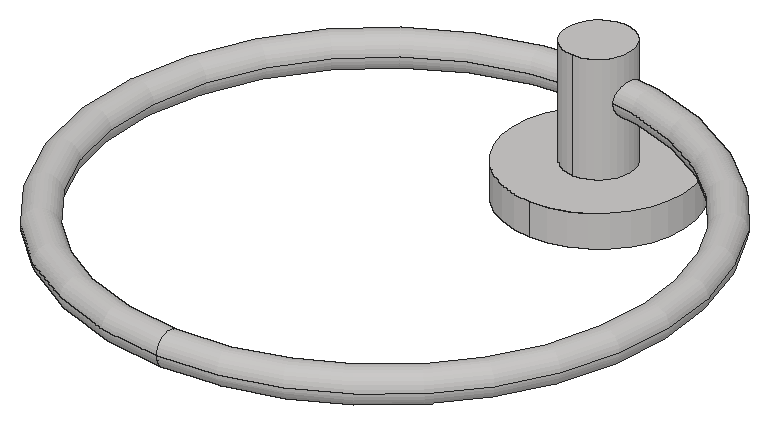
Revit family "Furniture_GroheLimited_EssentialsTowelRing_40365000_METRICa", category Furniture, host Face, Revit 2015
Parameters (values of type "40365000")
  _DistributedBy = "www.bimstore.co.uk"
  _CurrentRevision = 1
  _CreatedBy = "www.bimstore.co.uk"
  _BimSpecGuid = 0
  _BSBibleVersion = 14
  _AuthorizedBy = "Kris Atkinson"
  _Author = "Ryan Lashley"
  WarrantyStartDate [instance] = "Please Record On Commissioning."
  WarrantyGuarantorParts = "info-uk@grohe.com"
  WarrantyGuarantorLabor = "info-uk@grohe.com"
  WarrantyDurationUnit = "Years"
  WarrantyDurationParts = "n/a"
  WarrantyDurationLabor = "n/a"
  WarrantyDescription = "n/a"
  URL = "www.grohe.com"
  TypeName = Model  # "Essentials Towel Ring "
  Type Comments = "40365000"
  SpareParts = "n/a"
  Size = "n/a"
  Shape = "n/a"
  SerialNumber [instance] = "Please Record On Commissioning."
  ReplacementCost = "n/a"
  ReferencedStandard = "n/a"
  ProductionYear = "2017"
  ProductPageURL = "http://www.grohe.co.uk/en_gb/essentials-towel-ring-40365000.html"
  ProductDocumentationLink = "http://www.grohe.co.uk/pim/profile/1000000/600000/00000/5000/100/121650.pdf"
  PrimaryMaterial = GroheLimited-Chorme
  Width = 202 mm
  Length = 180 mm
  Height = 44 mm
  PercentageOfRecycledContent = "n/a"
  NominalLength = 180 mm
  NominalHeight = 44 mm
  NominalDepth = 202 mm
  NBSReference = "45-35-72/374"
  NBSOfficeMasterTag = "n/a"
  NBSObjectName = "Grohe Limited - Towel rings"
  NBSNote = ""
  NBSDescription = "Towel rings"
  ModelReference = Model  # "Essentials Towel Ring "
  ModelNumber = Type Comments  # "40365000"
  Model = "Essentials Towel Ring "
  Material = "Chrome"
  MasterformatTitle = "Residential Faucets, Supplies, and Trim"
  MasterformatNumber = "22 41 39"
  ManufacturerName = "Grohe Limited"
  Manufacturer = "Grohe Limited"
  LowEmittingMaterial = no
  LEEDCredit = "n/a"
  Keynote = "N13"
  InstallationDate [instance] = "Please Record On Commissioning."
  IndustryStandards = "n/a"
  IfcExportType = "IfcPipeFittingType"
  IfcExportAs = "IfcPipeFitting"
  Grade = "n/a"
  Finish = Material  # "Chrome"
  Features = Description  # "Featuring reduced proportions and a graceful profile, Atrios unique composition of cylindrical shapes transcends time to enhance all styles of interior. The collection is offered in a choice of four styles. Two single-lever designs, 7º spout and C spout, are complemented by the two-handle ranges: Ypsilon and Jota. Stepped detailing at the base of the faucet body recurs across all variants and a full range of coordinating accessories."
  ExpectedLife = 0
  Ecojoy = no
  DurationUnit = "Years"
  DocumentationTechnical = "n/a"
  DocumentationMaintenance = "n/a"
  DocumentationLiterature = "n/a"
  DocumentationInstallationGuide = "n/a"
  DocumentationCertificates = "n/a"
  Description = "Featuring reduced proportions and a graceful profile, Atrios unique composition of cylindrical shapes transcends time to enhance all styles of interior. The collection is offered in a choice of four styles. Two single-lever designs, 7º spout and C spout, are complemented by the two-handle ranges: Ypsilon and Jota. Stepped detailing at the base of the faucet body recurs across all variants and a full range of coordinating accessories."
  Default Elevation = 0 mm
  CreatedOn = "2017-06-01T09:00:00"
  CreatedBy = "info-uk@grohe.com"
  Cost = 0
  Constituents = "n/a"
  Color = Material  # "Chrome"
  CodePerformance = "n/a"
  ClassificationValue = "Pr_40_20_76_91"
  ClassificationName = "Uniclass2015"
  BarCode [instance] = "Please Record On Commissioning."
  BIMObjectName = "Furniture_GroheLimited_EssentialsTowelRing_40365000_METRIC"
  AssetType = "Fixed"
  AssetIdentifier [instance] = "Please Record On Commissioning."
  Assembly Code = "C1030220"
  AccessibilityPerformance = "n/a"
  ADACompliant = yes
Types (10, lengths in mm): name | Type Comments | PrimaryMaterial | ModelNumber | Material | Finish | Color
  (no name) | "40365000" | GroheLimited-Chorme | "40365000" | "Chrome" | "Chrome" | "Chrome"
  40365000 | "40365000" | GroheLimited-Chorme | "40365000" | "Chrome" | "Chrome" | "Chrome"
  40365A01 | "40365A01" | GroheLimited-HardGraphite | "40365A01" | "Hard Graphite" | "Hard Graphite" | "Hard Graphite"
  40365AL1 | "40365AL1" | GroheLimited-BrushedHardGraphite | "40365AL1" | "Brushed Hard Graphite" | "Brushed Hard Graphite" | "Brushed Hard Graphite"
  40365BE1 | "40365BE1" | GroheLimited-Nickel | "40365BE1" | "Nickel" | "Nickel" | "Nickel"
  40365DA1 | "40365DA1" | GroheLimited-WarmSunset | "40365DA1" | "Warm Sunset" | "Warm Sunset" | "Warm Sunset"
  40365DL1 | "40365DL1" | GroheLimited-BrushedWarmSunset | "40365DL1" | "Brushed Warm Sunset" | "Brushed Warm Sunset" | "Brushed Warm Sunset"
  40365EN1 | "40365EN1" | GroheLimited-BrushedNickel | "40365EN1" | "Brushed Nickel" | "Brushed Nickel" | "Brushed Nickel"
  40365GL1 | "40365GL1" | GroheLimited-CoolSunrise | "40365GL1" | "Cool Sunrise" | "Cool Sunrise" | "Cool Sunrise"
  40365GN1 | "40365GN1" | GroheLimited-BrushedCoolSunrise | "40365GN1" | "Brushed Cool Sunrise" | "Brushed Cool Sunrise" | "Brushed Cool Sunrise"
Reference planes
  plane 1 "Center (Front/Back)": y = 0
  plane 2: z = 0
  plane 3 "Center (Left/Right)": x = 0
  plane 4: z = 0
  plane 5: y = -84.442
Forms (mm)
  Extrusion 1, solid, material "GroheLimited-Chorme" <- "PrimaryMaterial"
    sketch origin (0, 47.019, 153.7) x (0, 1, 0) y (-1, 0, 0)
      loop
        circle (-47.019, 0) r 27
    from -153.7 to -143.7
  Extrusion 2, solid, material "GroheLimited-Chorme" <- "PrimaryMaterial"
    sketch origin (0, 47.019, 153.7) x (0, 1, 0) y (-1, 0, 0)
      loop
        circle (-47.019, 0) r 10
    from -143.7 to -109.7
  Sweep 3, solid, material "GroheLimited-Chorme" <- "PrimaryMaterial", detail levels medium+fine
    path origin (0, 50.808, 31.2) x (0, 1, 0) y (-1, 0, 0)
      loop
        circle (-135.25, 0) r 85
    profile origin (-85, -84.442, 31.2) x (1, 0, 0) y (0, 0, 1)
      loop
        circle (0, 0) r 5
Dimensions and locks
  radius of Extrusion 1 sketch curve = 27 mm
  aligned and locked: plane 2 to host face
  aligned and locked: level to host face
  aligned and locked: plane 5 to Sweep 3 sketch curve
